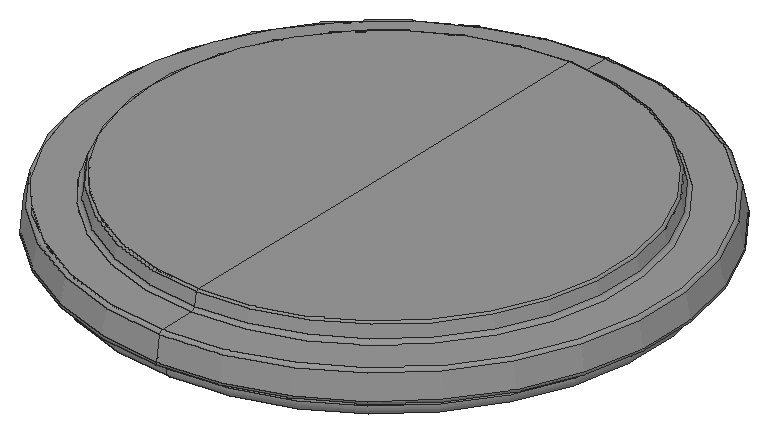
Revit family "FMK13_63_UN_Surface-mounted_ETK", category Lighting Fixtures, Revit 2017 (continued)
Definition of nested family "FMK.1 - Lightsource"
  Types (13, lengths in mm): name | Wattage Comments | Photometric Web File | built-in parameter 1150142 | Apparent Load
      397\t271.7601\t260.7829\t249.8115\t238.199\t224.9904\t212.0355\t199.0916\r\n186.1571\t173.2273\t160.3064\t147.3979\t134.5054\t133.8004\t26.4433\t0\t0\t0\r\n0\t0\t0\t0\t0\t0\r\n405.3384\t404.7985\t404.2731\t402.9746\t400.9294\t398.9778\t395.1912\t391.2006\t387.1764\t383.1518\r\n379.3503\t373.2478\t366.6736\t360.0872\t353.4808\t347.1016\t338.8269\t329.9717\t321.1259\t312.2733\r\n303.6511\t293.3438\t282.42\t271.4857\t260.561\t249.8768\t237.5346\t224.5982\t211.6601\t198.736\r\n185.8092\t172.8976\t159.9952\t147.0924\t134.208\t131.9549\t19.0178\t0\t0\t0\r\n0\t0\t0\t0\t0\t0\r\n405.3384\t404.775\t404.2417\t402.941\t400.8877\t398.9141\t395.0686\t391.0953\t387.0939\t383.0703\r\n379.2465\t373.03\t366.4888\t359.9216\t353.3431\t346.971\t338.5451\t329.7328\t320.92\t312.0934\r\n303.4848\t293.0109\t282.1221\t271.2145\t260.3152\t249.6258\t237.1217\t224.202\t211.2903\t198.3835\r\n185.4706\t172.5647\t159.66\t146.7717\t133.8799\t129.6163\t13.1927\t0\t0\t0\r\n0\t0\t0\t0\t0\t0\r\n405.3384\t404.7527\t404.2068\t402.9019\t400.8767\t398.8558\t394.9637\t390.9782\t387.0011\t382.9988\r\n379.1382\t372.8305\t366.3205\t359.7944\t353.2392\t346.8416\t338.2971\t329.4929\t320.6819\t311.8859\r\n303.2565\t292.6827\t281.8284\t270.9715\t260.0963\t249.3876\t236.7404\t223.8309\t210.924\t198.0301\r\n185.1227\t172.2345\t159.3412\t146.4511\t133.5636\t127.1408\t8.7076\t0\t0\t0\r\n0\t0\t0\t0\t0\t0\r\n405.3384\t404.7317\t404.1685\t402.8573\t400.8341\t398.8203\t394.8729\t390.882\t386.8997\t382.9031\r\n379.0139\t372.6472\t366.1376\t359.6334\t353.1356\t346.7285\t338.0975\t329.2976\t320.4978\t311.7082\r\n303.0442\t292.3608\t281.5086\t270.6653\t259.8241\t249.1051\t236.3739\t223.483\t210.5936\t197.696\r\n184.8022\t171.9214\t159.0318\t146.1423\t133.2543\t124.7431\t5.3342\t0\t0\t0\r\n0\t0\t0\t0\t0\t0\r\n405.3384\t404.7118\t404.0854\t402.8071\t400.7827\t398.7607\t394.8082\t390.8197\t386.8117\t382.8145\r\n378.8745\t372.4566\t365.9558\t359.4647\t352.9636\t346.5217\t337.8337\t329.0692\t320.2987\t311.5096\r\n302.8013\t292.0593\t281.2296\t270.4093\t259.5758\t248.8064\t236.0021\t223.1017\t210.2133\t197.3263\r\n184.4407\t171.5452\t158.6583\t145.7732\t132.8917\t122.5723\t2.8944\t0\t0\t0\r\n0\t0\t0\t0\t0\t0\r\n405.3384\t404.6932\t404.0473\t402.7226\t400.7224\t398.6915\t394.7212\t390.7363\t386.7361\t382.7442\r\n378.7775\t372.3101\t365.7992\t359.3066\t352.8016\t346.3302\t337.6023\t328.8394\t320.0728\t311.2958\r\n302.561\t291.776\t280.951\t270.126\t259.3004\t248.5209\t235.6594\t222.7723\t209.8851\t196.9978\r\n184.1099\t171.2248\t158.3346\t145.4546\t132.5648\t120.8445\t1.2522\t0\t0\t0\r\n0\t0\t0\t0\t0\t0\r\n405.3384\t404.6757\t404.0125\t402.6704\t400.6365\t398.604\t394.6163\t390.6263\t386.6347\t382.642\r\n378.653\t372.1631\t365.664\t359.1642\t352.6514\t346.1579\t337.4057\t328.6338\t319.8737\t311.0997\r\n302.337\t291.5239\t280.7001\t269.8776\t259.0436\t248.2362\t235.3595\t222.4683\t209.58\t196.6886\r\n183.7994\t170.9097\t158.0181\t145.1276\t132.2357\t119.6415\t0.3076\t0\t0\t0\r\n0\t0\t0\t0\t0\t0\r\n405.3384\t404.6596\t403.9806\t402.6229\t400.5746\t398.5262\t394.5231\t390.5201\t386.5171\t382.514\r\n378.4993\t372.003\t365.4952\t358.999\t352.4911\t345.9949\t337.2046\t328.4142\t319.6239\t310.8453\r\n302.055\t291.2397\t280.4128\t269.5975\t258.7705\t247.9552\t235.0564\t222.1578\t209.2708\t196.372\r\n183.485\t170.5863\t157.6875\t144.8005\t131.9018\t119.0148\t0\t0\t0\t0\r\n0\t0\t0\t0\t0\t0\r\n405.3384\t404.6446\t403.952\t402.5799\t400.516\t398.4496\t394.4362\t390.4167\t386.393\t382.3765\r\n378.3639\t371.8594\t365.3463\t358.8345\t352.3221\t345.8186\t337.0218\t328.2282\t319.4233\t310.6293\r\n301.8361\t291.0019\t280.1697\t269.3256\t258.4827\t247.6533\t234.7581\t221.854\t208.9473\t196.0427\r\n183.1396\t170.2368\t157.3331\t144.4306\t131.5295\t118.923\t0.3058\t0\t0\t0\r\n0\t0\t0\t0\t0\t0\r\n405.3384\t404.6311\t403.9266\t402.5417\t400.4513\t398.3517\t394.3448\t390.3139\t386.2918\t382.2534\r\n378.238\t371.7358\t365.2058\t358.6709\t352.1332\t345.6284\t336.8455\t328.0252\t319.2071\t310.3886\r\n301.6022\t290.7741\t279.9105\t269.0599\t258.1993\t247.3735\t234.4901\t221.5727\t208.655\t195.7516\r\n182.8364\t169.9224\t157.0186\t144.1096\t131.2095\t119.4546\t1.2376\t0\t0\t0\r\n0\t0\t0\t0\t0\t0\r\n405.3384\t404.6189\t403.9044\t402.5099\t400.4048\t398.3042\t394.3046\t390.2607\t386.2346\t382.1535\r\n378.1197\t371.6271\t365.0667\t358.4953\t351.9348\t345.4342\t336.6778\t327.8251\t318.988\t310.1383\r\n301.3588\t290.557\t279.6705\t268.7827\t257.8964\t247.0828\t234.2295\t221.3067\t208.3745\t195.4454\r\n182.519\t169.6057\t156.6841\t143.7663\t130.8565\t120.461\t2.8438\t0\t0\t0\r\n0\t0\t0\t0\t0\t0\r\n405.3384\t404.608\t403.906\t402.4809\t400.3686\t398.2825\t394.3364\t390.2509\t386.1403\t382.0139\r\n377.9719\t371.5145\t364.9316\t358.3331\t351.741\t345.2569\t336.5322\t327.65\t318.7717\t309.893\r\n301.122\t290.3538\t279.4296\t268.5063\t257.6005\t246.812\t234.0133\t221.0577\t208.1226\t195.1708\r\n182.233\t169.2892\t156.3621\t143.428\t130.5101\t121.8491\t5.2081\t0\t0\t0\r\n0\t0\t0\t0\t0\t0\r\n405.3384\t404.5983\t403.8876\t402.4562\t400.3424\t398.3285\t394.312\t390.1748\t386.0001\t381.8499\r\n377.8465\t371.4423\t364.8155\t358.179\t351.5314\t345.0554\t336.4015\t327.4708\t318.5324\t309.5879\r\n300.8096\t290.1067\t279.1611\t268.2305\t257.289\t246.5037\t233.7899\t220.8066\t207.8411\t194.873\r\n181.9286\t168.9735\t156.0235\t143.0925\t130.1555\t123.4873\t8.4517\t0\t0\t0\r\n0\t0\t0\t0\t0\t0\r\n405.3384\t404.5901\t403.8694\t402.4354\t400.3632\t398.2964\t394.2634\t390.0534\t385.8948\t381.7277\r\n377.7335\t371.3662\t364.6894\t358.0074\t351.3178\t344.8397\t336.2562\t327.2573\t318.2671\t309.292\r\n300.5434\t289.9663\t278.9733\t267.9846\t257.0011\t246.2424\t233.6423\t220.6376\t207.6416\t194.6527\r\n181.66\t168.6794\t155.7053\t142.752\t129.7991\t125.1546\t12.7273\t0\t0\t0\r\n0\t0\t0\t0\t0\t0\r\n405.3384\t404.5832\t403.8511\t402.4184\t400.3294\t398.2373\t394.1753\t389.9932\t385.8207\t381.5858\r\n377.5585\t371.29\t364.5766\t357.8427\t351.0774\t344.5671\t336.1252\t327.126\t318.0989\t309.0717\r\n300.2725\t289.8361\t278.7856\t267.7468\t256.7121\t245.9428\t233.5014\t220.4496\t207.42\t194.3931\r\n181.3835\t168.3751\t155.3885\t142.4223\t129.4696\t126.6674\t18.2327\t0\t0\t0\r\n0\t0\t0\t0\t0\t0\r\n405.3384\t404.6161\t403.833\t402.4338\t400.2812\t398.117\t394.1504\t389.9734\t385.7276\t381.4258\r\n377.3816\t371.2392\t364.4718\t357.6674\t350.8628\t344.3271\t336.3727\t327.0146\t317.9224\t308.8102\r\n299.6801\t289.9237\t278.5829\t267.4993\t256.4203\t245.3261\t233.5789\t220.2411\t207.1712\t194.1138\r\n181.0807\t168.0584\t155.0612\t142.0858\t129.1328\t127.7426\t25.2025\t0\t0\t0\r\n0\t0\t0\t0\t0\t0\r\n405.3384\t404.6105\t403.8147\t402.4101\t400.2194\t398.0503\t394.1642\t389.934\t385.6217\t381.2896\r\n377.1953\t371.2003\t364.3795\t357.5497\t350.6777\t343.7901\t336.3331\t326.9098\t317.7336\t308.5378\r\n299.3341\t289.7717\t278.414\t267.2406\t256.0784\t244.9306\t233.4048\t220.0844\t206.987\t193.9063\r\n180.8452\t167.8011\t154.7799\t141.7801\t128.7982\t128.0121\t33.8934\t0\t0\t0\r\n0\t0\t0\t0\t0\t0\r\n405.3384\t404.605\t403.7961\t402.3797\t400.115\t397.9929\t394.1749\t389.882\t385.5568\t381.1715\r\n376.6631\t371.4951\t364.3355\t357.4079\t350.4678\t343.5064\t336.2424\t326.8117\t317.5627\t308.2892\r\n298.9902\t289.5725\t278.2428\t267.0234\t255.8103\t244.5868\t233.2271\t219.9634\t206.8227\t193.6957\r\n180.6021\t167.5443\t154.4957\t141.4702\t128.4705\t115.505\t70.026\t0\t0\t0\r\n0\t0\t0\t0\t0\t0\r\n405.3384\t404.5994\t403.7772\t402.343\t400.0582\t397.9547\t394.1952\t389.8748\t385.5291\t380.979\r\n376.4372\t371.47\t364.2569\t357.2705\t350.2636\t343.2284\t336.1012\t326.741\t317.3967\t308.0368\r\n298.6712\t289.3725\t278.1474\t266.8135\t255.5191\t244.2436\t233.0342\t219.8906\t206.6977\t193.5207\r\n180.3828\t167.2783\t154.2217\t141.1824\t128.1722\t115.1956\t80.4414\t0\t0\t0\r\n0\t0\t0\t0\t0\t0\r\n405.3384\t404.594\t403.7665\t402.3007\t400.0104\t397.8946\t394.467\t389.9452\t385.4255\t380.805\r\n376.2179\t371.3573\t364.2027\t357.1507\t350.0679\t342.9438\t335.905\t326.68\t317.25\t307.8176\r\n298.3724\t289.0673\t278.0222\t266.6515\t255.3003\t243.9401\t232.7582\t219.8133\t206.5867\t193.3789\r\n180.2056\t167.0687\t153.966\t140.8994\t127.8726\t114.8827\t90.1164\t0\t0\t0\r\n0\t0\t0\t0\t0\t0\r\n405.3384\t404.5889\t403.7442\t402.2253\t399.9717\t397.8259\t394.5256\t389.9394\t385.2649\t380.6538\r\n375.9641\t371.2248\t364.1789\t357.067\t349.8977\t342.6677\t335.6288\t326.6532\t317.1531\t307.6244\r\n298.0542\t288.478\t278.2469\t266.5399\t255.0597\t243.6182\t232.4332\t219.7955\t206.4902\t193.2133\r\n180.0012\t166.821\t153.6857\t140.5957\t127.5588\t114.5661\t98.6146\t0\t0\t0\r\n0\t0\t0\t0\t0\t0\r\n405.3384\t404.5838\t403.7204\t402.1836\t399.9493\t397.495\t394.6576\t389.8387\t385.1686\t380.5014\r\n375.729\t371.0605\t364.1878\t357.0066\t349.7365\t342.3831\t334.9798\t326.9611\t317.1042\t307.4527\r\n297.7974\t288.1146\t278.1369\t266.4125\t254.8729\t243.3316\t231.7822\t219.9393\t206.403\t193.0914\r\n179.8299\t166.6203\t153.466\t140.3518\t127.2713\t114.2585\t105.3682\t0\t0\t0\r\n0\t0\t0\t0\t0\t0\r\n405.3384\t404.579\t403.6953\t402.1453\t400.0044\t397.4328\t394.6846\t389.7831\t385.1052\t380.3588\r\n375.5172\t370.8454\t364.2472\t356.9647\t349.5864\t342.1389\t334.6459\t326.9338\t317.0698\t307.3364\r\n297.5463\t287.7394\t277.9639\t266.3589\t254.7041\t243.037\t231.404\t219.803\t206.3799\t193.0247\r\n179.6747\t166.415\t153.2216\t140.0873\t127.0126\t113.9921\t109.8199\t9.0426\t0\t0\r\n0\t0\t0\t0\t0\t0\r\n405.3384\t404.5744\t403.6691\t402.1103\t399.9781\t397.3776\t394.6495\t389.7577\t385.0555\t380.2439\r\n375.3168\t370.2787\t364.5973\t356.9471\t349.4699\t341.9308\t334.3338\t326.7694\t317.1018\t307.2337\r\n297.342\t287.4211\t277.6928\t266.3301\t254.5511\t242.8085\t231.0731\t219.5536\t206.3499\t192.9347\r\n179.5687\t166.2649\t153.016\t139.8234\t126.726\t113.6905\t111.2803\t21.7073\t0\t0\r\n0\t0\t0\t0\t0\t0\r\n405.3384\t404.57\t403.6421\t402.0785\t399.9533\t397.3665\t394.4977\t389.7642\t385.0355\t380.1533\r\n375.1312\t370.0104\t364.5699\t356.9602\t349.3932\t341.7532\t334.0283\t326.4707\t317.1654\t307.1994\r\n297.1718\t287.133\t277.0299\t266.5617\t254.4718\t242.5962\t230.7316\t218.9364\t206.6337\t192.9105\r\n179.4434\t166.087\t152.7988\t139.6068\t126.4833\t113.4569\t100.4945\t60.079\t0\t0\r\n0\t0\t0\t0\t0\t0\r\n405.3384\t404.5661\t403.6144\t402.0512\t399.9354\t397.2997\t394.4018\t389.8025\t385.0322\t380.0745\r\n374.9814\t369.7443\t364.4545\t357.0142\t349.3678\t341.6146\t333.7412\t325.8005\t317.4989\t307.1996\r\n297.0754\t286.8649\t276.6591\t266.3928\t254.4188\t242.4545\t230.4861\t218.5355\t206.5242\t192.8964\r\n179.3794\t165.9637\t152.639\t139.4008\t126.2545\t113.2052\t100.2394\t75.4175\t0\t0\r\n0\t0\t0\t0\t0\t0\r\n405.3384\t404.5625\t403.5863\t402.0218\t399.9104\t397.2171\t394.3045\t389.8927\t385.0511\t380.0149\r\n374.8455\t369.4904\t364.2419\t357.1219\t349.384\t341.4901\t333.5186\t325.4314\t317.3612\t307.2899\r\n297.0022\t286.6805\t276.276\t266.1102\t254.4772\t242.3425\t230.2194\t218.174\t206.3008\t192.9174\r\n179.3579\t165.8762\t152.4972\t139.2127\t126.0328\t112.9621\t100.0093\t87.0551\t0\t0\r\n0\t0\t0\t0\t0\t0\r\n405.3384\t404.5593\t403.5488\t401.9935\t399.8835\t397.1246\t394.2037\t390.2303\t385.0913\t379.9896\r\n374.7291\t369.2488\t363.6276\t357.5035\t349.4258\t341.4412\t333.3238\t325.0865\t317.0691\t307.6993\r\n297.0161\t286.5013\t276.02\t265.4718\t254.6844\t242.2835\t230.06\t217.8462\t205.7159\t193.2069\r\n179.3627\t165.7938\t152.3453\t139.0419\t125.8422\t112.7623\t99.7796\t94.113\t0.6105\t0\r\n0\t0\t0\t0\t0\t0\r\n405.3384\t404.5567\t403.4347\t401.9663\t399.8542\t396.9916\t393.8623\t390.3025\t385.1493\t379.9968\r\n374.6293\t369.0482\t363.3058\t357.4798\t349.5307\t341.4245\t333.1708\t324.8183\t316.3472\t307.7332\r\n297.0531\t286.4824\t275.7917\t265.0603\t254.4821\t242.3206\t229.9441\t217.6132\t205.3254\t193.1091\r\n179.3748\t165.764\t152.2793\t138.8941\t125.6464\t112.5384\t99.5694\t86.7243\t14.0692\t0\r\n0\t0\t0\t0\t0\t0\r\n405.3384\t404.5544\t403.4109\t401.9397\t399.8279\t396.9235\t393.766\t390.3402\t385.2395\t380.0227\r\n374.5426\t368.8806\t363.0291\t357.2464\t350.0081\t341.4712\t333.0914\t324.5758\t315.9704\t307.4474\r\n297.2703\t286.4865\t275.6403\t264.756\t253.843\t242.607\t229.9008\t217.4057\t204.9789\t192.7969\r\n179.4987\t165.7588\t152.175\t138.7541\t125.4881\t112.3504\t99.3709\t86.5437\t51.9517\t0\r\n0\t0\t0\t0\t0\t0\r\n405.3384\t404.5528\t403.3896\t401.9136\t399.7913\t396.957\t393.6984\t390.3419\t385.3606\t380.0818\r\n374.5\t368.7496\t362.7919\t356.6028\t350.0626\t341.5854\t333.0658\t324.4216\t315.6059\t306.7421\r\n297.6344\t286.5955\t275.5812\t264.5172\t253.4454\t242.4387\t229.9497\t217.306\t204.7451\t192.2166\r\n179.6744\t165.7968\t152.1564\t138.646\t125.329\t112.1759\t99.1985\t86.3772\t68.9502\t0\r\n0\t0\t0\t0\t0\t0\r\n405.3384\t404.5516\t403.3711\t401.8875\t399.7527\t396.9277\t393.6298\t390.2999\t385.7547\t380.1611\r\n374.5012\t368.6583\t362.5687\t356.2748\t349.9304\t341.7568\t333.1054\t324.2991\t315.3601\t306.3451\r\n297.4021\t286.7961\t275.6181\t264.4085\t253.1166\t241.8373\t230.2463\t217.3133\t204.529\t191.8469\r\n179.4606\t165.8616\t152.1382\t138.5889\t125.1903\t112.0098\t99.0178\t86.2149\t79.0059\t0\r\n0\t0\t0\t0\t0\t0\r\n405.3384\t404.5303\t403.3553\t401.8645\t399.7131\t396.9209\t393.5723\t390.1989\t385.8711\t380.2535\r\n374.5458\t368.6079\t362.4015\t355.9658\t349.3036\t342.1689\t333.2403\t324.278\t315.2144\t305.9895\r\n296.6392\t287.1356\t275.8011\t264.3885\t252.9357\t241.4441\t230.1178\t217.3521\t204.4354\t191.5936\r\n178.8542\t166.1287\t152.1585\t138.5008\t125.0791\t111.8622\t98.8722\t86.0895\t73.5113\t5.8064\r\n0\t0\t0\t0\t0\t0\r\n405.3384\t404.5303\t403.3424\t401.8359\t399.6738\t396.904\t393.5271\t389.8272\t385.9412\t380.4009\r\n374.6452\t368.602\t362.2897\t355.7113\t348.9026\t342.0438\t333.4533\t324.356\t315.1404\t305.736\r\n296.21\t286.8176\t276.3248\t264.5084\t252.8679\t241.1993\t229.4494\t217.6364\t204.4484\t191.4377\r\n178.5308\t165.8585\t152.2347\t138.4866\t125.0067\t111.7492\t98.7341\t85.9681\t73.4427\t41.0177\r\n0\t0\t0\t0\t0\t0\r\n405.3384\t404.5314\t403.3323\t401.8066\t399.6355\t396.8882\t393.4998\t389.7256\t385.9264\t380.8323\r\n374.7825\t368.6476\t362.2247\t355.5179\t348.5777\t341.3716\t333.8428\t324.5619\t315.1649\t305.6139\r\n295.8944\t286.068\t276.276\t264.795\t252.9611\t241.028\t229.1012\t217.1796\t204.5856\t191.3702\r\n178.2755\t165.3108\t152.4401\t138.5329\t124.9629\t111.6537\t98.6364\t85.8681\t73.3923\t59.4422\r\n0\t0\t0\t0\t0\t0\r\n405.3384\t404.5334\t403.3254\t401.7768\t399.5834\t396.8724\t393.5563\t389.6813\t385.8296\t380.9686\r\n374.9634\t368.7467\t362.223\t355.3988\t348.3247\t340.9663\t333.6105\t325.0909\t315.3013\t305.5958\r\n295.7167\t285.6879\t275.5196\t265.2641\t253.1643\t241.0284\t228.9013\t216.7619\t204.7197\t191.4431\r\n178.1426\t165.025\t152.054\t138.6238\t124.949\t111.5808\t98.5317\t85.7999\t73.3521\t67.4468\r\n0\t0\t0\t0\t0\t0\r\n405.3384\t404.5367\t403.3213\t401.747\t399.553\t396.8551\t393.5253\t389.642\t385.4196\t381.0143\r\n375.4341\t368.8936\t362.2811\t355.3633\t348.149\t340.6463\t332.8952\t325.0567\t315.6054\t305.7209\r\n295.6694\t285.4283\t275.0861\t264.6206\t253.7214\t241.2356\t228.8857\t216.5051\t204.1542\t191.7482\r\n178.1912\t164.8347\t151.6841\t138.7372\t124.9638\t111.5467\t98.4431\t85.7156\t73.3308\t61.2799\r\n6.6224\t0\t0\t0\t0\t0\r\n405.3384\t404.541\t403.3206\t401.7173\t399.5263\t396.8348\t393.4891\t389.6228\t385.3035\t380.9705\r\n375.6064\t369.1065\t362.3871\t355.4019\t348.059\t340.4189\t332.5297\t324.353\t315.9992\t306.0013\r\n295.7691\t285.3359\t274.8118\t264.0762\t253.4617\t241.8475\t229.0559\t216.4579\t203.8582\t191.3277\r\n178.4886\t164.7975\t151.4218\t138.2923\t125.0643\t111.5119\t98.3871\t85.6566\t73.3292\t61.3845\r\n41.3401\t0\t0\t0\t0\t0\r\n405.3384\t404.7046\t403.3351\t401.6085\t399.5025\t396.8106\t393.4101\t389.6964\t385.2267\t380.5909\r\n375.6608\t369.6146\t362.5887\t355.5216\t348.0628\t340.3035\t332.2796\t323.9612\t315.3815\t306.4951\r\n296.0045\t285.4293\t274.6916\t263.7186\t252.6951\t241.7657\t229.4357\t216.6186\t203.7814\t190.9543\r\n178.3774\t164.9054\t151.3423\t137.993\t125.0188\t111.5486\t98.3549\t85.6161\t73.3518\t61.5005\r\n54.5145\t0\t0\t0\t0\t0\r\n405.3384\t404.7094\t403.3409\t401.5892\t399.4806\t396.7853\t393.3861\t389.647\t385.1911\t380.4752\r\n375.5799\t369.7733\t362.8838\t355.7241\t348.1677\t340.311\t332.135\t323.6844\t314.9275\t305.9445\r\n296.5192\t285.7241\t274.7325\t263.6059\t252.3232\t240.938\t229.682\t217.0354\t203.8964\t190.8667\r\n177.8483\t165.1045\t151.4128\t137.8197\t124.5862\t111.6542\t98.3596\t85.6026\t73.3081\t61.567\r\n50.2719\t0\t0\t0\t0\t0\r\n405.3384\t404.7141\t403.3495\t401.5769\t399.4597\t396.7589\t393.3787\t389.6141\t385.2819\t380.3954\r\n375.1982\t369.7519\t363.3915\t356.0194\t348.3778\t340.4279\t332.1175\t323.54\t314.6307\t305.4612\r\n295.9656\t286.2757\t275.0119\t263.7288\t252.2133\t240.5678\t228.8725\t217.2219\t204.3601\t191.0024\r\n177.7549\t164.5951\t151.6169\t137.856\t124.3917\t111.3335\t98.3751\t85.5165\t73.2932\t61.597\r\n50.4839\t26.8985\t0\t0\t0\t0\r\n405.3384\t404.7188\t403.3611\t401.5899\t399.4393\t396.7318\t393.3783\t389.5778\t385.2799\t380.4048\r\n375.1029\t369.354\t363.4329\t356.5509\t348.7107\t340.6772\t332.2579\t323.5399\t314.5046\t305.1188\r\n295.5188\t285.63\t275.5222\t264.0384\t252.342\t240.479\t228.5121\t216.4262\t204.4988\t191.6613\r\n177.9175\t164.4704\t151.1862\t138.14\t124.3921\t111.0641\t98.3014\t85.4755\t73.1886\t61.5768\r\n50.6169\t43.8035\t0\t0\t0\t0\r\n405.3384\t404.7234\t403.3758\t401.5932\t399.3558\t396.7043\t393.383\t389.5381\t385.271\t380.3873\r\n375.0389\t369.2482\t363.0412\t356.6073\t349.2775\t341.0511\t332.5546\t323.7019\t314.5615\t305.0088\r\n295.2657\t285.1407\t274.8439\t264.3864\t252.9603\t240.7003\t228.4626\t216.1193\t203.7058\t191.2839\r\n178.5866\t164.7027\t151.1153\t137.7422\t124.6359\t111.0334\t97.9491\t85.3922\t73.0802\t61.4885\r\n50.6435\t40.5048\t0\t0\t0\t0\r\n405.3384\t404.7278\t403.3938\t401.6032\t399.3484\t396.6726\t393.3886\t389.4997\t385.2549\t380.3738\r\n375.1114\t369.2206\t362.9224\t356.2011\t349.3184\t341.6044\t333.2293\t324.0355\t314.7893\t305.1249\r\n295.2219\t284.9551\t274.4342\t263.6396\t252.6034\t241.2841\t228.7342\t216.1549\t203.4536\t190.7548\r\n178.0519\t165.358\t151.3808\t137.7373\t124.3116\t111.2524\t97.8365\t85.0967\t72.89\t61.3103\r\n50.5893\t40.6649\t9.0488\t0\t0\t0\r\n405.3384\t404.7319\t403.4151\t401.6204\t399.3511
